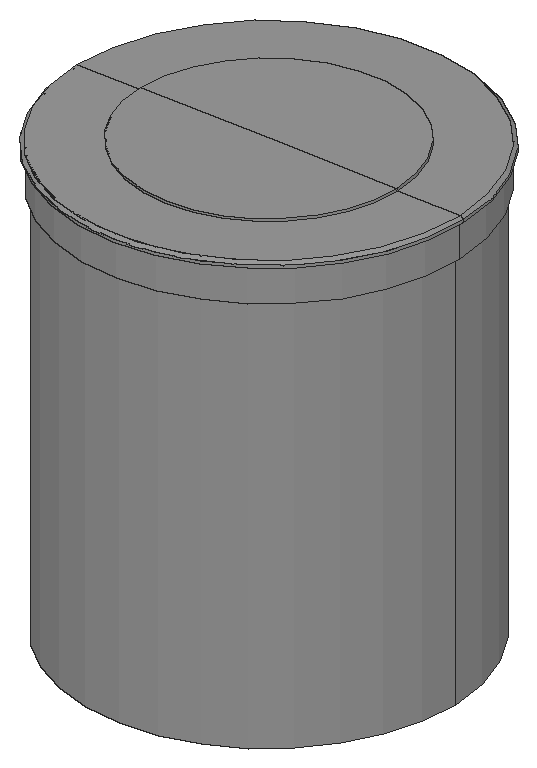
Revit family "Interrata - Copy - Copy (2)", category Lighting Fixtures, host Face, Revit 2017
Family settings
  Host = Face
  Round Connector Dimension = Use Diameter
  Part Type = Normal
  OmniClass Number = 23.80.70.00
  OmniClass Title = Lighting
  Cut with Voids When Loaded = No
  Light Source = No
  Shared = No
  Room Calculation Point = No
Parameters (values of type "0049042")
  XS_SYL = no
  Weight = ""
  Wattage Comments = ""
  WarrantyStartDate [instance] = "n/a"
  WarrantyGuarantorParts = "n/a"
  WarrantyDurationUnit = "n/a"
  WarrantyDurationParts = "n/a"
  WarrantyDescription = "n/a"
  Voltage = 0 V
  URL = "http://www.sylvania-lighting.com"
  TypeName = ""
  TypeLamp_SYL = Interrata Lamp : 0049042 INTERRATA ADJUSTABLE M  CL 1000LM 830 MB
  Type Image = <None>
  Type Comments = "n/a"
  Thickness_SYL = 2.5 mm  # constant formula
  Step2_SYL = if(XS_SYL, 99.8 mm, if(S_SYL, 121 mm, if(L_SYL, 236 mm, 206 mm)))  # 206 mm
  Step1_SYL = if(XS_SYL, 26.2 mm, if(S_SYL, 15 mm, if(L_SYL, 19.5 mm, 17.5 mm)))  # 17.5 mm
  SerialNumber [instance] = "n/a"
  S_SYL = no
  RotationAngle_SYL [instance] = 0.00°
  RingHeight_SYL = if(XS_SYL, 3 mm, if(S_SYL, 3 mm, if(L_SYL, 4 mm, 2.8 mm)))  # 2.8 mm
  RevolutionAxisFromRefLevel_SYL = if(XS_SYL, 27 mm, if(S_SYL, 45 mm, if(L_SYL, 74 mm, 59.5 mm)))  # 59.5 mm
  Radius_SYL = if(XS_SYL, 50 mm, if(S_SYL, 60 mm, if(L_SYL, 130 mm, 100 mm)))  # 100 mm
  Radius3_SYL = if(XS_SYL, 31.5 mm, if(S_SYL, 41.7 mm, if(L_SYL, 112 mm, 96 mm)))  # 96 mm
  Radius2_SYL = if(XS_SYL, 33.5 mm, if(S_SYL, 53 mm, if(L_SYL, 124 mm, 98 mm)))  # 98 mm
  Material_3_SYL = none
  PowerFactor = 0
  PowerConsumption = ""
  NominalLength = 0 mm
  NominalHeight = 0 mm
  NominalDepth = 0 mm
  Name = ""
  ModelReference = Name  # ""
  ModelNumber = ""
  Model = Name  # ""
  Material = ""
  ManufacturerName = "Feilo Sylvania"
  Manufacturer = "Feilo Sylvania"
  L_SYL = no
  LuminousEfficacy = ""
  LuminaireType = ""
  LightOutputRatio = ""
  LampsType = Lamp  # ""
  EndAngle_SYL [instance] = RotationAngle_SYL + 180.00°  # 180.00°
  BodyThickness_SYL = 3 mm  # constant formula
  BodyHeight3_SYL = if(XS_SYL, 80 mm, if(S_SYL, 45 mm, if(L_SYL, 21 mm, 29.4 mm)))  # 29.4 mm
  BodyRad_SYL = if(XS_SYL, 30 mm, if(S_SYL, 50 mm, if(L_SYL, 120 mm, 95 mm)))  # 95 mm
  LampNominalLuminous = ""
  LampMacAdamStep = ""
  BodyRad2_SYL = if(XS_SYL, 16.5 mm, if(S_SYL, 35.5 mm, if(L_SYL, 82.5 mm, 54.5 mm)))  # 54.5 mm
  BodyRad1_SYL = if(XS_SYL, 23.6 mm, if(S_SYL, 35.5 mm, if(L_SYL, 99.4 mm, 68.5 mm)))  # 68.5 mm
  BodyHeight4_SYL = if(XS_SYL, 5.5 mm, if(S_SYL, 45 mm, if(L_SYL, 82.2 mm, 66.6 mm)))  # 66.6 mm
  BodyHeight2_SYL = if(XS_SYL, 4.5 mm, if(S_SYL, 5.5 mm, if(L_SYL, 34 mm, 19.5 mm)))  # 19.5 mm
  BodyHeight1_SYL = if(XS_SYL, 4.5 mm, if(S_SYL, 4 mm, if(L_SYL, 14 mm, 9.5 mm)))  # 9.5 mm
  LampColourTemperature = ""
  LampColourRenderingIndex = ""
  Lamp = ""
  Keynote = "16500"
  InstallationDate [instance] = "n/a"
  InputVoltage = ""
  InputNominalFrequency = ""
  IngressProtection = ""
  ImpactProtectionIndex = ""
  IfcExportType = "IfcLightFixtureType"
  IfcExportAs = "IfcLightFixtureType"
  ElectricShockClassification = ""
  DocumentationLiterature = ""
  DimmingControlOptions = ""
  Material_2_SYL = Polycarbonate, Clear
  DiffuserRad_SYL = if(XS_SYL, 21 mm, if(S_SYL, 33 mm, if(L_SYL, 94 mm, 66 mm)))  # 66 mm
  Description = ""
  Default Elevation = 100 mm
  CreatedOn = ""
  CreatedBy = ""
  Cost = 0
  built-in parameter 1114216 [instance] = (empty or 0)
  ClassificationValue = "EF_70_80"
  ClassificationName = "Uniclass2015"
  Material_1_SYL = Stainless Steel
  Chamfer_SYL = 1.5 mm  # constant formula
  BarCode [instance] = "n/a"
  AssetType = ""
  AssetIdentifier [instance] = "n/a"
  Assembly Code = "D5020200"
  Apparent Load = 0 VA
  Material_4_SYL = none
Types (10, lengths in mm): name | XS_SYL | TypeLamp_SYL | Step2_SYL | Step1_SYL | S_SYL | RingHeight_SYL | RevolutionAxisFromRefLevel_SYL | Radius_SYL | Radius3_SYL | Radius2_SYL | L_SYL | BodyHeight3_SYL | BodyRad_SYL | BodyRad2_SYL | BodyRad1_SYL | BodyHeight4_SYL | BodyHeight2_SYL | BodyHeight1_SYL | DiffuserRad_SYL
  0049036 | yes | Interrata Lamp : 0049036 INTERRATA XS  FROSTED 100LM 830  | 99.8 | 26.2 | no | 3 | 27 | 50 | 31.5 | 33.5 | no | 80 | 30 | 16.5 | 23.6 | 5.5 | 4.5 | 4.5 | 21
  0049042 | no | Interrata Lamp : 0049042 INTERRATA ADJUSTABLE M  CL 1000LM 830 MB | 206 | 17.5 | no | 2.8 | 59.5 | 100 | 96 | 98 | no | 29.4 | 95 | 54.5 | 68.5 | 66.6 | 19.5 | 9.5 | 66
  0049043 | no | Interrata Lamp : 0049043 INTERRATA ADJUSTABLE M  CL 1000LM 840 MB | 206 | 17.5 | no | 2.8 | 59.5 | 100 | 96 | 98 | no | 29.4 | 95 | 54.5 | 68.5 | 66.6 | 19.5 | 9.5 | 66
  0049044 | no | Interrata Lamp : 0049044 INTERRATA ADJUSTABLE L  CL 2000LM 830 MB | 236 | 19.5 | no | 4 | 74 | 130 | 112 | 124 | yes | 21 | 120 | 82.5 | 99.4 | 82.2 | 34 | 14 | 94
  0049037 | yes | Interrata Lamp : 0049037 INTERRATA XS  FROSTED 100LM 840  | 99.8 | 26.2 | no | 3 | 27 | 50 | 31.5 | 33.5 | no | 80 | 30 | 16.5 | 23.6 | 5.5 | 4.5 | 4.5 | 21
  0049039 | yes | Interrata Lamp : 0049039 INTERRATA XS  CLEAR 100LM 840 NB | 99.8 | 26.2 | no | 3 | 27 | 50 | 31.5 | 33.5 | no | 80 | 30 | 16.5 | 23.6 | 5.5 | 4.5 | 4.5 | 21
  0049038 | yes | Interrata Lamp : 0049038 INTERRATA XS  CLEAR 100LM 830 NB | 99.8 | 26.2 | no | 3 | 27 | 50 | 31.5 | 33.5 | no | 80 | 30 | 16.5 | 23.6 | 5.5 | 4.5 | 4.5 | 21
  0049040 | no | Interrata Lamp : 0049040 INTERRATA ADJUSTABLE S  CL 400LM 830 MB | 121 | 15 | yes | 3 | 45 | 60 | 41.7 | 53 | no | 45 | 50 | 35.5 | 35.5 | 45 | 5.5 | 4 | 33
  0049041 | no | Interrata Lamp : 0049041 INTERRATA ADJUSTABLE S  CL 400LM 840 MB | 121 | 15 | yes | 3 | 45 | 60 | 41.7 | 53 | no | 45 | 50 | 35.5 | 35.5 | 45 | 5.5 | 4 | 33
  0049045 | no | Interrata Lamp : 0049045 INTERRATA ADJUSTABLE L  CL 2000LM 840 MB | 236 | 19.5 | no | 4 | 74 | 130 | 112 | 124 | yes | 21 | 120 | 82.5 | 99.4 | 82.2 | 34 | 14 | 94
Reference planes
  plane 1 "Center (Front/Back)": y = 0
  plane 2: z = 1.3
  plane 3 "Center (Left/Right)": x = 0
  plane 4: z = 2.8
  plane 5: x = -66
  plane 6: x = -98.5
  plane 7: x = -100
  plane 8: x = -98
  plane 9: z = 3.8
  plane 10: z = -17.5
  plane 11: z = -223.5
  plane 12: x = -96
  plane 13: x = -95
  plane 14: z = -9.5
  plane 15: z = -29
  plane 16: x = -95.5
  plane 17: z = -15
  plane 18: x = -93.5
  plane 19: z = -58.4
  plane 20: z = -125
  plane 21: x = -68.5
  plane 22: x = -54.5
  plane 23: x = -92
  plane 24: x = -65.5
  plane 25: x = -51.5
  plane 26: z = -122
  plane 27: z = -6.5
  plane 28: z = -59.5
Forms (mm)
  Revolve 1, solid, material "Stainless Steel" <- "Material_1_SYL"
    sketch origin (0, 0, 0) x (1, 0, 0) y (0, 0, 1)
      loop
        line (-66, 2.8) -> (-98.5, 2.8) -> (-100, 1.3) -> (-100, 0) -> (-98, 0) -> (-98, -17.5) -> (-96, -17.5) -> (-96, -223.5) -> (-93.5, -223.5) -> (-93.5, -15) -> (-95.5, -15) -> (-95.5, 0) -> (-66, 0) -> (-66, 2.8)
      axis (0, 2.8) -> (0, -223.5)
    angle from 360 to 0
  Revolve 2, void
    sketch origin (0, 0, 0) x (1, 0, 0) y (0, 0, 1)
      loop
        line (-98, 0) -> (-98, -223.5) -> (0, -223.5) -> (0, 0) -> (-98, 0)
      axis (0, 0) -> (0, -223.5)
    angle from 360 to 0
  Revolve 3, solid, material "Polycarbonate, Clear" <- "Material_2_SYL", detail levels medium+fine
    sketch origin (0, 0, 0) x (1, 0, 0) y (0, 0, 1)
      loop
        line (0, 3.8) -> (-66, 3.8) -> (-66, 1.3) -> (0, 1.3) -> (0, 3.8)
      axis (0, 3.8) -> (0, 1.3)
    angle from 360 to 0
  Revolve 4, solid, detail levels medium+fine
    sketch origin (0, 0, 0) x (1, 0, 0) y (0, 0, 1)
      loop
        line (-92, 0) -> (-95, 0) -> (-95, -9.5) -> (-68.5, -9.5) -> (-68.5, -29) -> (-54.5, -58.4) -> (-54.5, -125) -> (0, -125) -> (0, -122) -> (-51.5, -122) -> (-51.5, -57.722) -> (-65.5, -28.322) -> (-65.5, -6.5) -> (-92, -6.5) -> (-92, 0)
      axis (0, 0) -> (0, -125)
    angle from 360 to 0
  Revolve 5, solid
    sketch origin (-1524.19, -4572, -59.5) x (-1, 0, 0) y (0, -1, 0)
      loop
        line (-1524.19, -4572) -> (-1524.19, -4582) -> (-1514.19, -4582) -> (-1514.19, -4572) -> (-1524.19, -4572)
      axis (-1524.19, -4582) -> (-1524.19, -4572)
    angle from 0 <- "RotationAngle_SYL" to 180 <- "EndAngle_SYL"
Dimensions and locks
  "DiffuserRad_SYL": plane 3 "Center (Left/Right)" to plane 5
  "Radius_SYL": plane 3 "Center (Left/Right)" to plane 7
  "Chamfer_SYL": plane 6 to plane 7
  "Radius2_SYL": plane 3 "Center (Left/Right)" to plane 8
  locked: plane 9 to plane 4 at 1
  "RingHeight_SYL": plane 4 to level
  "Chamfer_SYL": plane 4 to plane 2
  "Step1_SYL": level to plane 10
  "Step2_SYL": plane 10 to plane 11
  "Radius3_SYL": plane 3 "Center (Left/Right)" to plane 12
  "BodyRad_SYL": plane 3 "Center (Left/Right)" to plane 13
  "BodyHeight1_SYL": level to plane 14
  "BodyHeight2_SYL": plane 14 to plane 15
  "Thickness_SYL": plane 16 to plane 8
  "Thickness_SYL": plane 17 to plane 10
  "Thickness_SYL": plane 18 to plane 12
  "BodyHeight3_SYL": plane 15 to plane 19
  "BodyHeight4_SYL": plane 19 to plane 20
  "BodyRad1_SYL": plane 3 "Center (Left/Right)" to plane 21
  "BodyRad2_SYL": plane 3 "Center (Left/Right)" to plane 22
  "BodyThickness_SYL": plane 26 to plane 20
  "BodyThickness_SYL": plane 25 to plane 22
  "BodyThickness_SYL": plane 24 to plane 21
  "BodyThickness_SYL": plane 23 to plane 13
  "BodyThickness_SYL": plane 27 to plane 14
  "RevolutionAxisFromRefLevel_SYL": level to plane 28
  aligned and locked: level to host face
  aligned and locked: Revolve 1 sketch curve to plane 4
  aligned and locked: plane 7 to Revolve 1 sketch curve
  aligned and locked: Revolve 1 sketch curve to level
  aligned and locked: plane 10 to Revolve 1 sketch curve
  aligned and locked: Revolve 1 sketch curve to plane 12
  aligned and locked: plane 5 to Revolve 1 sketch curve
  aligned and locked: Revolve 1 sketch curve to plane 3 "Center (Left/Right)"
  aligned and locked: Revolve 1 sketch curve to plane 11
  aligned and locked: Revolve 2 sketch curve to plane 3 "Center (Left/Right)"  (x2)
  aligned and locked: Revolve 3 sketch curve to plane 9
  aligned and locked: Revolve 3 sketch curve to plane 5
  aligned and locked: Revolve 3 sketch curve to plane 2
  aligned and locked: plane 3 "Center (Left/Right)" to Revolve 3 sketch curve
  aligned and locked: Revolve 3 sketch curve to plane 3 "Center (Left/Right)"
  aligned and locked: Revolve 1 sketch curve to plane 18
  aligned and locked: plane 17 to Revolve 1 sketch curve
  aligned and locked: Revolve 4 sketch curve to plane 3 "Center (Left/Right)"  (x2)
  aligned and locked: Revolve 4 sketch curve to plane 26
  aligned and locked: Revolve 4 sketch curve to plane 20
  aligned and locked: Revolve 4 sketch curve to plane 22
  aligned and locked: Revolve 4 sketch curve to plane 25
  aligned and locked: plane 15 to Revolve 4 sketch curve
  aligned and locked: plane 21 to Revolve 4 sketch curve
  aligned and locked: Revolve 1 sketch curve to plane 8
  aligned and locked: Revolve 1 sketch curve to plane 16
  aligned and locked: plane 8 to Revolve 2 sketch curve
  aligned and locked: Revolve 2 sketch curve to level
  aligned and locked: Revolve 2 sketch curve to plane 11
  aligned and locked: Revolve 5 sketch curve to plane 1 "Center (Front/Back)"
  aligned and locked: Revolve 5 sketch curve to plane 3 "Center (Left/Right)"  (x2)
Automatic sketch dimensions
  host sketch curve to host sketch curve = 632.037 mm  (x2)
  plane 11 to Revolve 3 sketch curve = 386.1 mm
  Revolve 3 sketch curve to Revolve 3 sketch curve = 2605.258 mm
  Revolve 4 sketch curve to level = 0 mm
  Revolve 4 sketch curve to plane 13 = 0 mm
  Revolve 4 sketch curve to plane 23 = 0 mm
  Revolve 4 sketch curve to plane 14 = 0 mm
  Revolve 4 sketch curve to plane 24 = 0 mm
  Revolve 4 sketch curve to plane 19 = 0 mm
  Revolve 4 sketch curve to plane 27 = 0 mm
  plane 19 to Revolve 4 sketch curve = 0.678 mm
  plane 15 to Revolve 4 sketch curve = 0.678 mm
  plane 11 to Revolve 4 sketch curve = 386.1 mm
  Revolve 4 sketch curve to plane 9 = 2605.258 mm
  Revolve 1 sketch curve to plane 6 = 0 mm
  Revolve 1 sketch curve to level = 0 mm
  Revolve 1 sketch curve to plane 2 = 0 mm
  plane 11 to Revolve 1 sketch curve = 386.1 mm
  Revolve 1 sketch curve to plane 9 = 2605.258 mm
  plane 11 to Revolve 2 sketch curve = 386.1 mm
  Revolve 2 sketch curve to plane 9 = 2605.258 mm
  Revolve 5 sketch curve to plane 3 "Center (Left/Right)" = 10 mm
  Revolve 5 sketch curve to plane 1 "Center (Front/Back)" = 10 mm
  Revolve 5 sketch curve to Revolve 5 sketch curve = 1514 mm
  Revolve 5 sketch curve to Revolve 5 sketch curve = 1524 mm
Nested families
  nested 1: "Interrata Lamp" at (0, 0, -59.5) x (0, -1, 0) z (0, 0, 1), type <- "TypeLamp_SYL", type "0049042 INTERRATA ADJUSTABLE M  CL 1000LM 830 MB"
    with built-in parameter 1114216 (empty or 0)
Connectors
  electrical at (0, 0, -223.5), driven by "Voltage", driven by "Apparent Load", driven by "PowerFactor"
    settings: on Revolve 1, index 1, voltage 0 V, apparent load 0 VA, apparent load phase1 0 VA, apparent load phase2 0 VA, apparent load phase3 0 VA, power factor 0, load classification "Other", number of poles 1, system type 30, power factor state 1, is connector primary yes, connector utility no, sub classification motor no, connector description ""
Definition of nested family "Interrata Lamp"
  Parameters (values of type "0049038 INTERRATA XS  CLEAR 100LM 830 NB")
    XS_SYL = yes
    Wattage Comments = "n/a"
    Wattage = 0 W
    built-in parameter 1150110 = 1 (stored number, unit not read)
    URL = "http://www.sylvania-lighting.com"
    Type Image = (empty or 0)
    Type Comments = "n/a"
    built-in parameter 1114217 = 1 (stored number, unit not read)
    Tilt Angle = -90.00°
    built-in parameter 1150109 = 1 (stored number, unit not read)
    built-in parameter 1150134 = (empty or 0)
    built-in parameter 1150113 = 1 (stored number, unit not read)
    S_SYL = no
    Rad_SYL = if(XS_SYL, 27.5 mm, if(S_SYL, 17 mm, if(L_SYL, 36 mm, 41 mm)))  # 27.5 mm
    Rad4_SYL = if(XS_SYL, 11 mm, if(S_SYL, 20 mm, if(L_SYL, 55 mm, 40 mm)))  # 11 mm
    Rad3_SYL = if(XS_SYL, 12.5 mm, if(S_SYL, 24 mm, if(L_SYL, 57 mm, 41 mm)))  # 12.5 mm
    Rad2_SYL = if(XS_SYL, 20.2 mm, if(S_SYL, 29 mm, if(L_SYL, 75 mm, 51.5 mm)))  # 20.2 mm
    Photometric Web File = ""
    built-in parameter 1150142 = (empty or 0)
    Material_3_SYL = none
    Model = "INTERRATA XS IP67 CLEAR 100LM 830 NB"
    Manufacturer = "Feilo Sylvania"
    built-in parameter 1150105 = (empty or 0)
    Lumens = 0 lm
    built-in parameter 1150115 = 1 (stored number, unit not read)
    built-in parameter 1150137 = (empty or 0)
    built-in parameter 1150139 = (empty or 0)
    built-in parameter 1150112 = 1 (stored number, unit not read)
    built-in parameter 1150114 = 1 (stored number, unit not read)
    Lamp = "LED"
    L_SYL = no
    Keynote = "16500"
    Material_2_SYL = none
    built-in parameter 1150132 = (empty or 0)
    built-in parameter 1150102 = (empty or 0)
    built-in parameter 1150107 = (empty or 0)
    built-in parameter 1150138 = (empty or 0)
    built-in parameter 1150106 = 1.0982 (stored number, unit not read)
    Height4_SYL = if(XS_SYL, 9.1 mm, if(S_SYL, 10 mm, if(L_SYL, 22 mm, 10.5 mm)))  # 9.1 mm
    Height3_SYL = if(XS_SYL, 4 mm, if(S_SYL, 8 mm, if(L_SYL, 8.7 mm, 6.7 mm)))  # 4 mm
    Height2_SYL = if(XS_SYL, 7.4 mm, if(S_SYL, 2 mm, if(L_SYL, 2 mm, 2 mm)))  # 7.4 mm
    Height1_SYL = if(XS_SYL, 6.5 mm, if(S_SYL, 8.3 mm, if(L_SYL, 19.5 mm, 18.3 mm)))  # 6.5 mm
    Emit from Circle Diameter = Rad_SYL * 2  # 55 mm
    Emit Shape Visible in Rendering = no
    built-in parameter 1150104 = (empty or 0)
    Dimming Lamp Color Temperature Shift = (empty or 0)
    Description = ""
    Default Elevation = 1219.2 mm
    Cost = 0
    Color Filter = 16777215
    built-in parameter 1114216 [instance] = (empty or 0)
    Material_1_SYL = none
    BottomFromRefLevel = if(XS_SYL, 0.1 mm, if(S_SYL, 4 mm, if(L_SYL, 7 mm, 0.1 mm)))  # 0.1 mm
    built-in parameter 1114218 = 1 (stored number, unit not read)
    built-in parameter 1150133 = 10 (stored number, unit not read)
    Assembly Code = "D5020200"
    Apparent Load = 0 VA
    Material_4_SYL = none
  Types (16, lengths in mm): name | XS_SYL | S_SYL | Rad_SYL | Rad4_SYL | Rad3_SYL | Rad2_SYL | Model | L_SYL | Height4_SYL | Height3_SYL | Height2_SYL | Height1_SYL | Emit from Circle Diameter | BottomFromRefLevel
    0049051 INTERRATA ADJUSTABLE L HONEYCOMB | no | no | 36 | 55 | 57 | 75 | "INTERRATA ADJUSTABLE L HONEYCOMB" | yes | 22 | 8.7 | 2 | 19.5 | 72 | 7
    0049050 INTERRATA ADJUSTABLE M HONEYCOMB | no | no | 41 | 40 | 41 | 51.5 | "INTERRATA ADJUSTABLE M HONEYCOMB" | no | 10.5 | 6.7 | 2 | 18.3 | 82 | 0.1
    0049049 INTERRATA ADJUSTABLE S HONEYCOMB | no | yes | 17 | 20 | 24 | 29 | "INTERRATA ADJUSTABLE S HONEYCOMB" | no | 10 | 8 | 2 | 8.3 | 34 | 4
    0049048 INTERRATA ADJUSTABLE L  FROSTED GLASS | no | no | 36 | 55 | 57 | 75 | "INTERRATA ADJUSTABLE L  FROSTED GLASS" | yes | 22 | 8.7 | 2 | 19.5 | 72 | 7
    0049047 INTERRATA ADJUSTABLE M FROSTED GLASS | no | no | 41 | 40 | 41 | 51.5 | "INTERRATA ADJUSTABLE M FROSTED GLASS" | no | 10.5 | 6.7 | 2 | 18.3 | 82 | 0.1
    0049046 INTERRATA ADJUSTABLE S FROSTED GLASS | no | yes | 17 | 20 | 24 | 29 | "INTERRATA ADJUSTABLE S FROSTED GLASS" | no | 10 | 8 | 2 | 8.3 | 34 | 4
    0049045 INTERRATA ADJUSTABLE L  CL 2000LM 840 MB | no | no | 36 | 55 | 57 | 75 | "INTERRATA ADJUSTABLE L IP67 CLEAR 2000LM 840 MB" | yes | 22 | 8.7 | 2 | 19.5 | 72 | 7
    0049044 INTERRATA ADJUSTABLE L  CL 2000LM 830 MB | no | no | 36 | 55 | 57 | 75 | "INTERRATA ADJUSTABLE L IP67 CLEAR 2000LM 830 MB" | yes | 22 | 8.7 | 2 | 19.5 | 72 | 7
    0049043 INTERRATA ADJUSTABLE M  CL 1000LM 840 MB | no | no | 41 | 40 | 41 | 51.5 | "INTERRATA ADJUSTABLE M IP67 CLEAR 1000LM 840 MB" | no | 10.5 | 6.7 | 2 | 18.3 | 82 | 0.1
    0049042 INTERRATA ADJUSTABLE M  CL 1000LM 830 MB | no | no | 41 | 40 | 41 | 51.5 | "INTERRATA ADJUSTABLE M IP67 CLEAR 1000LM 830 MB" | no | 10.5 | 6.7 | 2 | 18.3 | 82 | 0.1
    0049041 INTERRATA ADJUSTABLE S  CL 400LM 840 MB | no | yes | 17 | 20 | 24 | 29 | "INTERRATA ADJUSTABLE S IP67 CLEAR 400LM 840 MB" | no | 10 | 8 | 2 | 8.3 | 34 | 4
    0049040 INTERRATA ADJUSTABLE S  CL 400LM 830 MB | no | yes | 17 | 20 | 24 | 29 | "INTERRATA ADJUSTABLE S IP67 CLEAR 400LM 830 MB" | no | 10 | 8 | 2 | 8.3 | 34 | 4
    0049039 INTERRATA XS  CLEAR 100LM 840 NB | yes | no | 27.5 | 11 | 12.5 | 20.2 | "INTERRATA XS IP67 CLEAR 100LM 840 NB" | no | 9.1 | 4 | 7.4 | 6.5 | 55 | 0.1
    0049038 INTERRATA XS  CLEAR 100LM 830 NB | yes | no | 27.5 | 11 | 12.5 | 20.2 | "INTERRATA XS IP67 CLEAR 100LM 830 NB" | no | 9.1 | 4 | 7.4 | 6.5 | 55 | 0.1
    0049037 INTERRATA XS  FROSTED 100LM 840 | yes | no | 27.5 | 11 | 12.5 | 20.2 | "INTERRATA XS IP67 FROSTED 100LM 840" | no | 9.1 | 4 | 7.4 | 6.5 | 55 | 0.1
    0049036 INTERRATA XS  FROSTED 100LM 830 | yes | no | 27.5 | 11 | 12.5 | 20.2 | "INTERRATA XS IP67 FROSTED 100LM 830" | no | 9.1 | 4 | 7.4 | 6.5 | 55 | 0.1
  Reference planes
    plane 1 "Center (Front/Back)": y = 0
    plane 2: z = 0
    plane 3 "Center (Left/Right)": x = 0
    plane 4: z = -0.1
    plane 5: z = 9
    plane 6: z = 13
    plane 7: z = 20.4
    plane 8: z = 26.9
    plane 9: x = -11
    plane 10: x = -12.5
    plane 11: x = -20.2
    plane 12: x = -27.5
  Forms (mm)
    Extrusion 1, solid
      sketch origin (4.2, 0, 0) x (1, 0, 0) y (0, 1, 0)
        loop
          line (-43.406, 38.688) -> (-43.406, -41.283) -> (36.565, -41.283) -> (36.565, 38.688) -> (-43.406, 38.688)
      from 0 to -68.017
    Revolve 2, solid, material <- "Material_1_SYL"
      sketch origin (0, 0, 0) x (1, 0, 0) y (0, 0, 1)
        loop
          line (0, 26.9) -> (-27.5, 26.9) -> (-27.5, 20.4) -> (-20.2, 20.4) -> (-20.2, 13) -> (-12.5, 13) -> (-12.5, 9) -> (-11, 9) -> (-11, -0.1) -> (0, -0.1) -> (0, 26.9)
        axis (0, 26.9) -> (0, -0.1)
      angle from 360 to 0
  Dimensions and locks
    "BottomFromRefLevel": level to plane 4
    "Height4_SYL": plane 5 to plane 4
    "Height3_SYL": plane 6 to plane 5
    "Height2_SYL": plane 7 to plane 6
    "Height1_SYL": plane 8 to plane 7
    "Rad4_SYL": plane 3 "Center (Left/Right)" to plane 9
    "Rad3_SYL": plane 3 "Center (Left/Right)" to plane 10
    "Rad2_SYL": plane 3 "Center (Left/Right)" to plane 11
    "Rad_SYL": plane 3 "Center (Left/Right)" to plane 12
    aligned and locked: plane 2 to Extrusion 1
    aligned and locked: level to Extrusion 1
    aligned and locked: Revolve 2 sketch curve to plane 3 "Center (Left/Right)"
    aligned and locked: plane 8 to Revolve 2 sketch curve
    aligned and locked: Revolve 2 sketch curve to plane 12
    aligned and locked: Revolve 2 sketch curve to plane 7
    aligned and locked: Revolve 2 sketch curve to plane 11
    aligned and locked: Revolve 2 sketch curve to plane 6
    aligned and locked: Revolve 2 sketch curve to plane 10
    aligned and locked: Revolve 2 sketch curve to plane 9
    aligned and locked: Revolve 2 sketch curve to plane 5
    aligned and locked: Revolve 2 sketch curve to plane 4
    aligned and locked: plane 3 "Center (Left/Right)" to Revolve 2 sketch curve
    aligned and locked: plane 8 to imposter light
    aligned and locked: plane 3 "Center (Left/Right)" to imposter light
  Automatic sketch dimensions
    Revolve 2 sketch curve to level = 609.6 mm
    Revolve 2 sketch curve to Revolve 2 sketch curve = 2572.058 mm
    Extrusion 1 sketch curve to Extrusion 1 sketch curve = 79.971 mm  (x2)
